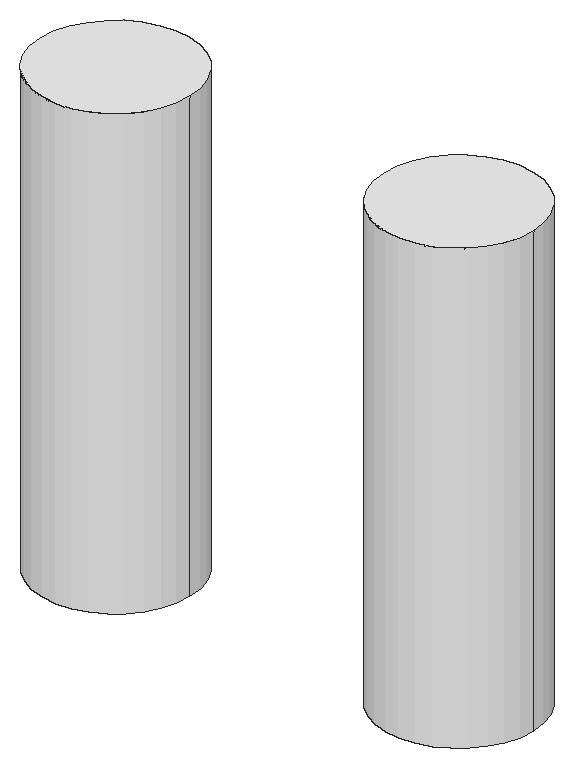
Revit family "51882293(2020)", category Plumbing Fixtures, Revit 2018
Family settings
  Round Connector Dimension = Use Diameter
  Part Type = Normal
  OmniClass Number = 23.45.55.00
  OmniClass Title = Sanitary Faucets, Wastes
  Work Plane-Based = No
  Always vertical = Yes
  Cut with Voids When Loaded = No
  Shared = No
  Room Calculation Point = No
Parameters (values of type "51882293 Washbasin faucet ")
  WorkingPressure = "50 - 1000 kPa"
  Working Pressure = "50 - 1000 kPa"
  WarrantyStartDate [instance] = "n/a"
  WarrantyGuarantorParts = "n/a"
  WarrantyGuarantorLabor = "n/a"
  WarrantyDurationUnit = "Year"
  WarrantyDurationParts = "n/a"
  WarrantyDurationLabor = "n/a"
  WarrantyDescription = "http://warranty.hansa.com"
  Warranty Information URL = "http://warranty.hansa.com"
  VersionDate = "01/07/2022"
  Version = "2"  # constant formula
  ValvePattern = "n/a"
  ValveOperation = "n/a"
  ValveMechanism = "n/a"
  Uniclass2015Reference = "Pr_40_20_87_96"
  Uniclass2015Description = "Washbasin manual water supply sets"
  Uniclass2 = "Pr_40_30_96_96"
  URL REACH = "http://static.hansa.com/doc/reach"
  URL Declaration of Conformity = "http://static.hansa.com/DoC/51882293"
  URL = ""
  UNSPSC Class Number = "30181700 Faucets or taps"
  TestPressure = "n/a"
  Technical DataSheet URL = "http://www.hansa.com/datasheet/51882293/en"
  TagNumber [instance] = "n/a"
  SustainabilityPerformance = "n/a"
  Surface treatment = "Chrome"
  Spout Type = "Fixed spout"
  Spout Projection = "125 mm"
  Spare-Part Information URL = "http://static.hansa.com/sp/51882293"
  Size = "50x165x198 mm"
  Shape = "Sculptured"
  SerialNumber [instance] = "n/a"
  Sales Package dimensions (LxWxH) = "380 x 180 x 74"
  Revision = "2"  # constant formula
  ReplacementCost = "n/a"
  ProductInformation = "Kitchen faucet with high spout."
  Product URL = "http://static.hansa.com/51882293"
  Product Image URL = "http://static.hansa.com/image/51882293"
  Product Family = "HANSADESIGNO Style "
  Product Code = "51882293"
  OperatingMechanismMaterial = "n/a"
  NominalWidth = 50 mm
  NominalHeight = 197.85 mm
  NominalDepth = 165 mm
  Noise Class = "I (ISO 3822)"
  Name_en = "51882293 Washbasin faucet"
  Name = "51882293 Washbasin faucet"
  NBSReference = "45-35-70/371"
  NBSDescription = "Water supply fittings for wash basins and troughs"
  Mounting Holes = "1 hole"
  ModelReference = "51882293"
  ModelNumber = "n/a"
  Model = "51882293 Washbasin faucet"
  Mobile Product Information URL = "http://mpi.hansa.com/51882293"
  Mechanical Parts = "ø 25 mm ceramic cartridge for flow and temperature control"
  Max. Hot Water Supply = 70 °C
  Material = "Brass"
  Market = "International;Germany;Austria;Belgium;Netherlands;France;Czech Republic;Slovakia;Italy;Spain"
  ManufacturerURL = "http://www.hansa.com"
  ManufacturerName = "HANSA"
  Manufacturer = "HANSA"
  Lever Handle = "Single operating lever/handle;Hot/Cold symbols"
  Keynote = ""
  Interactive AR View URL = "https://static.hansa.com/AR/51882293"
  InstallationDate [instance] = "n/a"
  Installation and Maintenance Guide URL = "http://static.hansa.com/manual/51882293"
  Installation Type = "Deck mounted"
  InletConnectionSize = 10 mm
  IfcExportType = "FAUCET"  # constant formula
  IfcExportAs = "IfcValveType"  # constant formula
  Group = "Washbasin faucet"
  Grade = "n/a"
  FlowCoefficient = 0
  Flow Rate At 300kPa With Flow Controller = 0.1 L/s
  Flow Drawing URL = "http://static.hansa.com/flowchart/51882293"
  Finish = "Polished"
  Features = "Single-lever"
  FaucetMainMaterial = Brass
  FDV Document URL = "http://www.hansa.com/datasheet/51882293/en/fdv"
  ExpectedLife = "n/a"
  Excluded Items = "Without pop-up waste;Without draw-rod opening"
  ETIM Class Number = "EC011328 Washbasin mixing tap"
  EN Standard = "EN 817"
  EAN Number = "4057304015113"
  DurationUnit = "Year"
  Dimension Drawing URL = "http://static.hansa.com/dimdrw/51882293"
  Description = ""
  DefaultElevation [instance] = 900 mm
  Constituents = "n/a"
  Connection Size = "G3/8"
  Connection = "Flexible inlet pipes"
  Color = "Chrome"
  CodePerformance = "n/a"
  CloseOffRating = 0
  Category = "Bathroom"
  Catalog Drawing URL = "http://static.hansa.com/catdrw/51882293"
  Brand = "HANSA"
  BodyMaterial = "Brass"
  Barcode [instance] = "n/a"
  Backflow Prevention EN1717 = "AA"
  BIMObjectName = "51882293(2020)"
  Author = "BIMStone"
  AssetType = "Fixed"
  AssetIdentifier [instance] = "n/a"
  Aerator = "PCA® - constant flow rate regardless of pressure variations"
  AccessibilityPerformance = "n/a"
  3D View = "https://static.hansa.com/3D/51882293"
  2D/3D/BIM Files URL = "http://static.hansa.com/bim/51882293"
Reference planes
  plane 1 "Center (Front/Back)": y = 0
  plane 2: z = 0
  plane 3 "Center (Left/Right)": x = 0
  plane 4: x = -25
  plane 5: z = 900
  plane 6: z = 870
  plane 7: y = -165
  plane 8: x = 25
  plane 9: z = 1097.85
Forms (mm)
  Extrusion 1, solid, material "Brass" <- "FaucetMainMaterial"
    sketch origin (0, -2.5, 0) x (1, 0, 0) y (0, 1, 0)
      loop
        circle (-11.5, -22.5) r 5
      loop
        circle (11.5, -22.5) r 5
    from 870 to 900
Dimensions and locks
  "DefaultElevation": plane 5 to level
  locked: plane 5 to plane 6 at 30
  equal spacing: plane 4, plane 3 "Center (Left/Right)", plane 8
  "NominalHeight": plane 9 to plane 5
  "NominalDepth": plane 7 to plane 1 "Center (Front/Back)"
  "NominalWidth": plane 4 to plane 8
  "InletConnectionSize": diameter of Extrusion 1 sketch curve  (x2)
  aligned and locked: level to plane 2
  aligned and locked: plane 5 to Extrusion 1
  aligned and locked: Extrusion 1 to plane 6
  aligned and locked: plane 9 to nested 2
  aligned and locked: plane 5 to nested 2
  aligned and locked: plane 7 to nested 2
Automatic sketch dimensions
  Extrusion 1 sketch curve to plane 3 "Center (Left/Right)" = 11.5 mm
  plane 3 "Center (Left/Right)" to Extrusion 1 sketch curve = 11.5 mm
  plane 1 "Center (Front/Back)" to Extrusion 1 sketch curve = 25 mm  (x2)
Nested families
  nested 1: "Symbol" at (0, 0, 0), type "Symbol", detail levels coarse
  nested 2: "51882293(2020)_p" at (0, 0, 900), Material 1 <- "FaucetMainMaterial", type "51882293(2020)_p"
    with Material 1 Brass
Connectors
  piping at (-11.5, -25, 870), diameter 10, driven by "InletConnectionSize"
    settings: on Extrusion 1, index 1, connector inside diameter 609.6 mm, connector length 0 mm, flow factor 0, pipe flow 0.0 L/s, pressure drop 0.0 Pa, fitting loss kfactor 0, connector angle 0.00°, fixture units 0, engagement length 0 mm, angle of deflection 0.00°, flow configuration 1, flow direction 1, fitting loss method 0, system type 19, joint type 0, gender type 0, connector reference index -1, connector utility 0, adjustable connector no, is connector primary yes, connector description ""
  piping at (11.5, -25, 870), diameter 10, driven by "InletConnectionSize"
    settings: on Extrusion 1, index 2, connector inside diameter 609.6 mm, connector length 0 mm, flow factor 0, pipe flow 0.0 L/s, pressure drop 0.0 Pa, fitting loss kfactor 0, connector angle 0.00°, fixture units 0, engagement length 0 mm, angle of deflection 0.00°, flow configuration 1, flow direction 1, fitting loss method 0, system type 20, joint type 0, gender type 0, connector reference index -1, connector utility 0, adjustable connector no, is connector primary no, connector description ""
Definition of nested family "Symbol"
  Reference planes
    plane 1: y = 0
    plane 2: x = 0
  Lines and regions (mm)
    detail lines
      curve 1: line (0, 0, 0) -> (0, -1.8, 0)
      curve 2: line (-0.4, -1.1, 0) -> (0.4, -1.1, 0)
      curve 3: line (-0.4, -1.4, 0) -> (0.4, -1.4, 0)
      curve 4: line (0.863, 0, 0) -> (-0.863, 0, 0)
      curve 5: circle (-1.163, 0, 0) r 0.3 normal (0, 0, -1)
      curve 6: circle (1.163, 0, 0) r 0.3 normal (0, 0, 1)
Definition of nested family "51882293(2020)_p"
  Parameters (values of type "51882293(2020)_p")
    Material 1 [instance] = none
  Reference planes
    plane 1 "Center (Front/Back)": y = 0
    plane 2: z = 0
    plane 3 "Center (Left/Right)": x = 0
  Forms (mm)
    Revolve 1, solid, material <- "Material 1", detail levels coarse+medium
      sketch origin (0, 12.5, 0) x (0, 1, 0) y (0, 0, 1)
        loop
          line (-37.5, 5) -> (-37.5, 0) -> (-12.5, 0) -> (-12.5, 5) -> (-17.5, 5) -> (-17.5, 197.85) -> (-37.5, 197.85) -> (-37.5, 5)
        axis (-37.5, 197.85) -> (-37.5, 0)
      angle from 0 to 360
    Extrusion 2, solid, material <- "Material 1", detail levels coarse+medium
      sketch origin (0, 12.5, 0) x (1, 0, 0) y (0, 0, 1)
        loop
          line (10, 197.85) -> (-10, 197.85) -> (-10, 189.55) -> (10, 189.55) -> (10, 197.85)
      from 50.634 to 122.631
    Extrusion 3, solid, material <- "Material 1", detail levels coarse+medium
      sketch origin (0, 12.5, 0) x (1, 0, 0) y (0, 0, 1)
        loop
          circle (0, 137.837) r 12.396
      from 45.274 to 177.5
    Revolve 4, solid, material <- "Material 1", detail levels coarse+medium
      sketch origin (0, 12.5, 0) x (0, 1, 0) y (0, 0, 1)
        loop
          line (-162.406, 123.03) -> (-160.739, 132.485) -> (-170.845, 134.266) -> (-172.512, 124.812) -> (-162.406, 123.03)
        axis (-162.406, 123.03) -> (-160.739, 132.485)
      angle from 0 to 360
    Extrusion 5, solid, material <- "Material 1", detail levels coarse
      sketch origin (0, 0, 0) x (1, 0, 0) y (0, 1, 0)
        loop
          line (-24.872, 0) -> (-24.872, -165) -> (24.936, -165) -> (24.936, 0) -> (-24.872, 0)
      from 0 to 197.85
  Cuts and joins
    joined: Revolve 1, Extrusion 2, Extrusion 3, Revolve 4
  Lines and regions (mm)
    symbolic lines, detail levels medium+fine
      curve 1: line (-9.5, -165, 0) -> (9.5, -165, 0)
      curve 2: arc (9.5, -165, 0) -> (11.673, -164.1, 0) -> (12.573, -161.927, 0) r 3.073
      curve 3: line (12.573, -161.927, 0) -> (12.573, -46.608, 0)
      curve 4: arc (-9.5, -165, 0) -> (-11.673, -164.1, 0) -> (-12.573, -161.927, 0) r 3.073
      curve 5: line (-12.573, -161.927, 0) -> (-12.573, -46.608, 0)
      curve 15: arc (12.573, -46.608, 0) -> (0, 0, 0) -> (-12.573, -46.608, 0) r 25
      curve 17: line (0, -107.875, 197.85) -> (0, -6.633, 197.85)
      curve 18: arc (0, -6.633, 197.85) -> (0, -5.228, 197.268) -> (0, -4.646, 195.863) r 1.987
      curve 19: line (0, -4.646, 195.863) -> (0, -4.646, 182.68)
      curve 20: line (0, -4.646, 182.68) -> (0, -5.928, 182.68)
      curve 21: line (0, -4.729, 179.843) -> (0, -4.729, 5)
      curve 22: line (0, -4.729, 5) -> (0, 0, 5)
      curve 23: line (0, 0, 5) -> (0, 0, 0)
      curve 24: line (0, 0, 0) -> (0, -50, 0)
      curve 25: line (0, -50, 0) -> (0, -50, 5)
      curve 26: line (0, -50, 5) -> (0, -45.25, 5)
      curve 27: line (0, -45.25, 5) -> (0, -45.25, 119.214)
      curve 28: arc (0, -45.25, 119.214) -> (0, -46.95, 123.317) -> (0, -51.053, 125.017) r 5.803
      curve 29: line (0, -51.053, 125.017) -> (0, -139.158, 125.017)
      curve 30: line (0, -164.999, 128.036) -> (0, -164.999, 147.262)
      curve 31: arc (0, -161.992, 125.017) -> (0, -164.119, 125.905) -> (0, -164.999, 128.036) r 3.019
      curve 32: line (0, -51.25, 150.002) -> (0, -161.962, 150.002)
      curve 33: arc (0, -161.962, 150.002) -> (0, -164.007, 149.216) -> (0, -164.999, 147.262) r 3.053
      curve 34: arc (0, -45.223, 156.029) -> (0, -46.988, 151.767) -> (0, -51.25, 150.002) r 6.027
      curve 35: line (0, -45.223, 156.029) -> (0, -45.223, 179.843)
      curve 36: arc (0, -45.223, 179.843) -> (0, -44.751, 181.302) -> (0, -44.077, 182.68) r 10.788
      curve 37: line (0, -44.077, 182.68) -> (0, -44.917, 182.68)
      curve 38: arc (0, -44.917, 182.68) -> (0, -45.079, 182.747) -> (0, -45.146, 182.908) r 0.229
      curve 39: line (0, -45.146, 182.908) -> (0, -45.146, 185.58)
      curve 40: arc (0, -45.146, 185.58) -> (0, -46.304, 188.376) -> (0, -49.101, 189.534) r 3.955
      curve 41: line (0, -49.101, 189.534) -> (0, -104.101, 189.534)
      curve 42: arc (0, -104.101, 189.534) -> (0, -108.205, 191.234) -> (0, -109.904, 195.338) r 5.804
      curve 43: arc (0, -109.904, 195.338) -> (0, -109.334, 196.953) -> (0, -107.875, 197.85) r 2.569
      curve 46: arc (0, -5.928, 182.68) -> (0, -5.271, 181.285) -> (0, -4.729, 179.843) r 19.061
      curve 49: line (0, -140.009, 121.285) -> (0, -159.804, 124.776)
      curve 50: arc (0, -159.804, 124.776) -> (0, -159.939, 124.861) -> (0, -159.974, 125.017) r 0.209
      curve 51: arc (0, -139.789, 121.44) -> (0, -139.867, 121.317) -> (0, -140.009, 121.285) r 0.19
      curve 52: line (0, -139.789, 121.44) -> (0, -139.158, 125.017)
      curve 54: line (0, -159.974, 125.017) -> (0, -161.992, 125.017)
      curve 56: line (-20.25, 0, 5) -> (-25, 0, 5)
      curve 57: line (0, 0, 0) -> (-25, 0, 0)
      curve 58: line (-25, 0, 0) -> (-25, 0, 5)
      curve 59: line (-20.25, 0, 5) -> (-20.25, 0, 179.79)
      curve 60: arc (-20.25, 0, 179.79) -> (-20.192, 0, 179.935) -> (-20.05, 0, 180) r 0.211
      curve 61: line (-20.03, 0, 182.68) -> (-19.074, 0, 182.68)
      curve 62: arc (-19.074, 0, 182.68) -> (-19.633, 0, 181.49) -> (-20.132, 0, 180.274) r 25.817
      curve 63: arc (-20.132, 0, 180.274) -> (-20.137, 0, 180.123) -> (-20.05, 0, 180) r 0.235
      curve 66: arc (-20.232, 0, 182.882) -> (-20.173, 0, 182.739) -> (-20.03, 0, 182.68) r 0.202
      curve 67: line (-20.232, 0, 182.882) -> (-20.232, 0, 195.858)
      curve 68: arc (-20.232, 0, 195.858) -> (-19.645, 0, 197.27) -> (-18.23, 0, 197.85) r 1.992
      curve 69: line (-18.23, 0, 197.85) -> (0, 0, 197.85)
      curve 78: line (20.25, 0, 5) -> (25, 0, 5)
      curve 79: line (0, 0, 0) -> (25, 0, 0)
      curve 80: line (25, 0, 0) -> (25, 0, 5)
      curve 81: line (20.25, 0, 5) -> (20.25, 0, 179.79)
      curve 82: line (20.03, 0, 182.68) -> (19.074, 0, 182.68)
      curve 83: arc (19.074, 0, 182.68) -> (19.633, 0, 181.49) -> (20.132, 0, 180.274) r 25.817
      curve 86: line (20.232, 0, 182.882) -> (20.232, 0, 195.858)
      curve 87: arc (20.232, 0, 195.858) -> (19.645, 0, 197.27) -> (18.23, 0, 197.85) r 1.992
      curve 88: line (18.23, 0, 197.85) -> (0, 0, 197.85)
      curve 95: arc (20.232, 0, 182.882) -> (20.173, 0, 182.739) -> (20.03, 0, 182.68) r 0.202
      curve 96: arc (20.132, 0, 180.274) -> (20.137, 0, 180.123) -> (20.05, 0, 180) r 0.235
      curve 97: arc (20.25, 0, 179.79) -> (20.192, 0, 179.935) -> (20.05, 0, 180) r 0.211
    symbolic lines, detail levels fine
      curve 6: line (-8.487, -45.646, 0) -> (-8.487, -48.515, 0)
      curve 7: line (8.513, -46.095, 0) -> (8.513, -48.506, 0)
      curve 8: arc (-8.487, -101.375, 0) -> (0.013, -109.875, 0) -> (8.513, -101.375, 0) r 8.5
      curve 9: line (-8.487, -48.515, 0) -> (-8.487, -101.375, 0)
      curve 10: line (8.513, -48.506, 0) -> (8.513, -101.375, 0)
      curve 11: arc (8.513, -48.506, 0) -> (10.585, -47.648, 0) -> (12.573, -46.608, 0) r 25
      curve 12: arc (-10.376, -42.221, 0) -> (-8.991, -43.69, 0) -> (-8.487, -45.646, 0) r 4.051
      curve 13: arc (10.376, -42.221, 0) -> (8.888, -43.891, 0) -> (8.513, -46.095, 0) r 4.051
      curve 14: arc (10.376, -42.221, 0) -> (0, -6.359, 0) -> (-10.376, -42.221, 0) r 19.432
      curve 16: arc (-12.573, -46.608, 0) -> (-10.573, -47.654, 0) -> (-8.487, -48.515, 0) r 25
      curve 44: line (0, -5.928, 182.68) -> (0, -44.077, 182.68)
      curve 45: line (0, -45.223, 179.843) -> (0, -4.729, 179.843)
      curve 47: arc (0, -45.223, 156.029) -> (0, -38.597, 137.505) -> (0, -45.25, 118.991) r 29.148
      curve 48: line (0, -4.729, 5) -> (0, -45.25, 5)
      curve 53: line (0, -139.158, 125.017) -> (0, -159.974, 125.017)
      curve 55: line (-20.25, 0, 5) -> (0, 0, 5)
      curve 64: line (-19.074, 0, 182.68) -> (0, 0, 182.68)
      curve 65: line (-20.05, 0, 180) -> (0, 0, 180)
      curve 70: arc (-6.492, 0, 197.85) -> (-7.904, 0, 197.265) -> (-8.489, 0, 195.853) r 1.997
      curve 71: arc (-8.489, 0, 195.853) -> (-7.03, 0, 191.234) -> (-2.487, 0, 189.55) r 5.513
      curve 72: line (-2.487, 0, 189.55) -> (0, 0, 189.55)
      curve 73: spline (0, 0, 154.609) -> (-3.882, 0, 153.986) -> (-7.5, 0, 152.159) -> (-10.607, 0, 149.253) -> (-12.99, 0, 145.466) -> (-14.489, 0, 141.055) -> (-15, 0, 136.322) -> (-14.489, 0, 131.589) -> (-12.99, 0, 127.179) -> (-10.607, 0, 123.391) -> (-7.5, 0, 120.485) -> (-3.882, 0, 118.658) -> (0, 0, 118.035)
      curve 74: circle (0, 0, 137.581) r 12.471 normal (0, -1, 0)
      curve 75: circle (0, 0, 137.581) r 10 normal (0, -1, 0)
      curve 76: spline (-10.319, 0, 123.189) -> (-9.967, 0, 123.646) -> (-8.936, 0, 124.072) -> (-7.297, 0, 124.437) -> (-5.159, 0, 124.718) -> (-2.671, 0, 124.894) -> (0, 0, 124.954) -> (2.671, 0, 124.894) -> (5.159, 0, 124.718) -> (7.297, 0, 124.437) -> (8.936, 0, 124.072) -> (9.967, 0, 123.646) -> (10.319, 0, 123.189) -> (9.967, 0, 122.732) -> (8.936, 0, 122.307) -> (7.297, 0, 121.941) -> (5.159, 0, 121.661) -> (2.671, 0, 121.484) -> (0, 0, 121.424) -> (-2.671, 0, 121.484) -> (-5.159, 0, 121.661) -> (-7.297, 0, 121.941) -> (-8.936, 0, 122.307) -> (-9.967, 0, 122.732) -> (-10.319, 0, 123.189)
      curve 77: line (20.25, 0, 5) -> (0, 0, 5)
      curve 84: line (19.074, 0, 182.68) -> (0, 0, 182.68)
      curve 85: line (20.05, 0, 180) -> (0, 0, 180)
      curve 89: arc (6.492, 0, 197.85) -> (7.904, 0, 197.265) -> (8.489, 0, 195.853) r 1.997
      curve 90: arc (8.489, 0, 195.853) -> (7.03, 0, 191.234) -> (2.487, 0, 189.55) r 5.513
      curve 91: line (2.487, 0, 189.55) -> (0, 0, 189.55)
      curve 92: spline (0, 0, 154.609) -> (3.882, 0, 153.986) -> (7.5, 0, 152.159) -> (10.607, 0, 149.253) -> (12.99, 0, 145.466) -> (14.489, 0, 141.055) -> (15, 0, 136.322) -> (14.489, 0, 131.589) -> (12.99, 0, 127.179) -> (10.607, 0, 123.391) -> (7.5, 0, 120.485) -> (3.882, 0, 118.658) -> (0, 0, 118.035)
      curve 93: circle (0, 0, 137.581) r 10 normal (0, 1, 0)
      curve 94: spline (10.319, 0, 123.189) -> (9.967, 0, 123.646) -> (8.936, 0, 124.072) -> (7.297, 0, 124.437) -> (5.159, 0, 124.718) -> (2.671, 0, 124.894) -> (0, 0, 124.954) -> (-2.671, 0, 124.894) -> (-5.159, 0, 124.718) -> (-7.297, 0, 124.437) -> (-8.936, 0, 124.072) -> (-9.967, 0, 123.646) -> (-10.319, 0, 123.189) -> (-9.967, 0, 122.732) -> (-8.936, 0, 122.307) -> (-7.297, 0, 121.941) -> (-5.159, 0, 121.661) -> (-2.671, 0, 121.484) -> (0, 0, 121.424) -> (2.671, 0, 121.484) -> (5.159, 0, 121.661) -> (7.297, 0, 121.941) -> (8.936, 0, 122.307) -> (9.967, 0, 122.732) -> (10.319, 0, 123.189)
      curve 98: line (10.319, 0, 123.189) -> (10.319, 0, 130.578)
      curve 99: line (-10.319, 0, 123.189) -> (-10.319, 0, 130.578)
  Dimensions and locks
    aligned and locked: level to plane 2
